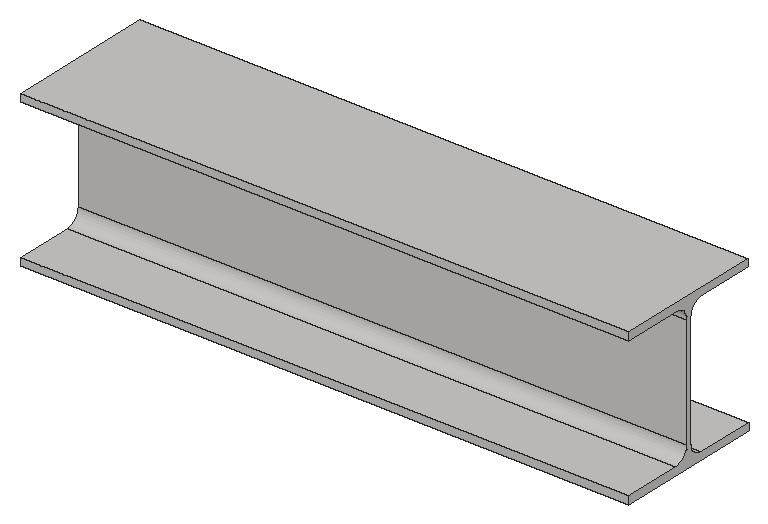
Revit family "NLRS_28_SFR_HEA", category Structural Framing, Revit 2020
Family settings
  Structural Framing Length Roundoff = 0 mm
  Section Shape = I-shape Wide Flange
  Material for Model Behavior = Steel
  Always export as geometry = No
  Code Name = EURONORM 53-62; DIN 1025-3
  Always vertical = Yes
  Cut with Voids When Loaded = No
  Symbolic Representation = From Family
  Shared = No
  Show family pre-cut in plan views = Yes
Parameters (values of type "HEA320")
  Width = 300 mm
  Web Thickness = 9 mm
  Web Fillet = 27 mm
  Warping Constant = (empty or 0)
  Type Comments = ""
  Torsional Moment of Inertia = 0 cm⁴
  Structural Material [instance] = h3_Structural Steel - S235
  Section Name Key = "HEA320"
  Section Area = 124.0 cm²
  Plastic Modulus weak axis = 709.7 cm³
  Plastic Modulus strong axis = 1628 cm³
  Perimeter = 5.7743 (stored number, unit not read)
  Nominal Weight = 957.13 N/m
  Moment of Inertia weak axis = 6990 cm⁴
  Moment of Inertia strong axis = 22930 cm⁴
  Height = 310 mm
  Flange Thickness = 15.5 mm
  Elastic Modulus weak axis = 466 cm³
  Elastic Modulus strong axis = 1480 cm³
  Centroid Vertical = Height / 2  # 155 mm
  Centroid Horizontal = Width / 2  # 150 mm
  Bolt Spacing = 133 mm
  Assembly Code = "2B(28.10)"
  Length [instance] = 1500 mm
Types (24, lengths in mm): name | Width | Web Thickness | Web Fillet | Section Name Key | Section Area | Plastic Modulus weak axis | Plastic Modulus strong axis | Perimeter | Nominal Weight | Moment of Inertia weak axis | Moment of Inertia strong axis | Height | Flange Thickness | Elastic Modulus weak axis | Elastic Modulus strong axis | Centroid Vertical | Centroid Horizontal | Bolt Spacing
  HEA320 | 300 | 9 | 27 | "HEA320" | 124.0 cm² | 709.7 cm³ | 1628 cm³ | 5.7743 (stored number, unit not read) | 957.13 N/m | 6990 cm⁴ | 22930 cm⁴ | 310 | 15.5 | 466 cm³ | 1480 cm³ | 155 | 150 | 133
  HEA1000 | 300 | 16.5 | 30 | "HEA1000" | 347.0 cm² | 1470 cm³ | 12820 cm³ | 10.171 (stored number, unit not read) | 2667.4 N/m | 14000 cm⁴ | 553800 cm⁴ | 990 | 31 | 934 cm³ | 11190 cm³ | 495 | 150 | 147
  HEA900 | 300 | 16 | 30 | "HEA900" | 320.0 cm² | 1414 cm³ | 10810 cm³ | 9.5144 (stored number, unit not read) | 2471.3 N/m | 13550 cm⁴ | 422100 cm⁴ | 890 | 30 | 903 cm³ | 9480 cm³ | 445 | 150 | 146
  HEA800 | 300 | 15 | 30 | "HEA800" | 286.0 cm² | 1312 cm³ | 8699 cm³ | 8.8583 (stored number, unit not read) | 2196.7 N/m | 12640 cm⁴ | 303400 cm⁴ | 790 | 28 | 843 cm³ | 7680 cm³ | 395 | 150 | 145
  HEA700 | 300 | 14.5 | 27 | "HEA700" | 260.0 cm² | 1257 cm³ | 7032 cm³ | 8.2021 (stored number, unit not read) | 2000.5 N/m | 12180 cm⁴ | 215300 cm⁴ | 690 | 27 | 812 cm³ | 6240 cm³ | 345 | 150 | 139
  HEA650 | 300 | 13.5 | 27 | "HEA650" | 242.0 cm² | 1205 cm³ | 6136 cm³ | 7.9068 (stored number, unit not read) | 1863.3 N/m | 11720 cm⁴ | 175200 cm⁴ | 640 | 26 | 782 cm³ | 5470 cm³ | 320 | 150 | 138
  HEA600 | 300 | 13 | 27 | "HEA600" | 226.0 cm² | 1156 cm³ | 5350 cm³ | 7.5787 (stored number, unit not read) | 1745.6 N/m | 11270 cm⁴ | 141200 cm⁴ | 590 | 25 | 751 cm³ | 4790 cm³ | 295 | 150 | 137
  HEA550 | 300 | 12.5 | 27 | "HEA550" | 212.0 cm² | 1107 cm³ | 4622 cm³ | 7.2507 (stored number, unit not read) | 1627.9 N/m | 10820 cm⁴ | 111900 cm⁴ | 540 | 24 | 721 cm³ | 4150 cm³ | 270 | 150 | 137
  HEA500 | 300 | 12 | 27 | "HEA500" | 198.0 cm² | 1059 cm³ | 3949 cm³ | 6.9226 (stored number, unit not read) | 1520 N/m | 10370 cm⁴ | 86970 cm⁴ | 490 | 23 | 691 cm³ | 3550 cm³ | 245 | 150 | 136
  HEA450 | 300 | 11.5 | 27 | "HEA450" | 178.0 cm² | 965.5 cm³ | 3216 cm³ | 6.5945 (stored number, unit not read) | 1372.9 N/m | 9470 cm⁴ | 63720 cm⁴ | 440 | 21 | 631 cm³ | 2900 cm³ | 220 | 150 | 136
  HEA400 | 300 | 11 | 27 | "HEA400" | 159.0 cm² | 872.9 cm³ | 2562 cm³ | 6.2664 (stored number, unit not read) | 1225.8 N/m | 8560 cm⁴ | 45070 cm⁴ | 390 | 19 | 571 cm³ | 2310 cm³ | 195 | 150 | 135
  HEA360 | 300 | 10 | 27 | "HEA360" | 143.0 cm² | 802.3 cm³ | 2088 cm³ | 6.0039 (stored number, unit not read) | 1098.3 N/m | 7890 cm⁴ | 33090 cm⁴ | 350 | 17.5 | 526 cm³ | 1890 cm³ | 175 | 150 | 134
  HEA340 | 300 | 9.5 | 27 | "HEA340" | 133.0 cm² | 755.9 cm³ | 1850 cm³ | 5.8727 (stored number, unit not read) | 1029.7 N/m | 7440 cm⁴ | 27690 cm⁴ | 330 | 16.5 | 496 cm³ | 1680 cm³ | 165 | 150 | 134
  HEA300 | 300 | 8.5 | 27 | "HEA300" | 112.0 cm² | 641.2 cm³ | 1383 cm³ | 5.643 (stored number, unit not read) | 865.92 N/m | 6310 cm⁴ | 18260 cm⁴ | 290 | 14 | 421 cm³ | 1260 cm³ | 145 | 150 | 133
  HEA280 | 280 | 8 | 24 | "HEA280" | 97.3 cm² | 518.1 cm³ | 1112 cm³ | 5.2493 (stored number, unit not read) | 749.23 N/m | 4760 cm⁴ | 13670 cm⁴ | 270 | 13 | 340 cm³ | 1010 cm³ | 135 | 140 | 126
  HEA260 | 260 | 7.5 | 24 | "HEA260" | 86.8 cm² | 430.2 cm³ | 919.8 cm³ | 4.8556 (stored number, unit not read) | 668.81 N/m | 3670 cm⁴ | 10450 cm⁴ | 250 | 12.5 | 282 cm³ | 836 cm³ | 125 | 130 | 126
  HEA240 | 240 | 7.5 | 21 | "HEA240" | 76.8 cm² | 351.7 cm³ | 744.6 cm³ | 4.4948 (stored number, unit not read) | 591.34 N/m | 2770 cm⁴ | 7760 cm⁴ | 230 | 12 | 231 cm³ | 675 cm³ | 115 | 120 | 120
  HEA220 | 220 | 7 | 18 | "HEA220" | 64.3 cm² | 270.6 cm³ | 568.5 cm³ | 4.1339 (stored number, unit not read) | 495.23 N/m | 1950 cm⁴ | 5410 cm⁴ | 210 | 11 | 178 cm³ | 515 cm³ | 105 | 110 | 113
  HEA200 | 200 | 6.5 | 18 | "HEA200" | 53.8 cm² | 203.8 cm³ | 429.5 cm³ | 3.7402 (stored number, unit not read) | 414.82 N/m | 1340 cm⁴ | 3690 cm⁴ | 190 | 10 | 134 cm³ | 389 cm³ | 95 | 100 | 113
  HEA180 | 180 | 6 | 15 | "HEA180" | 45.3 cm² | 156.5 cm³ | 324.9 cm³ | 3.3465 (stored number, unit not read) | 348.13 N/m | 925 cm⁴ | 2510 cm⁴ | 171 | 9.5 | 103 cm³ | 294 cm³ | 85.5 | 90 | 106
  HEA160 | 160 | 6 | 15 | "HEA160" | 38.8 cm² | 117.6 cm³ | 245.1 cm³ | 2.9724 (stored number, unit not read) | 298.12 N/m | 616 cm⁴ | 1670 cm⁴ | 152 | 9 | 76.9 cm³ | 220 cm³ | 76 | 80 | 99
  HEA140 | 140 | 5.5 | 12 | "HEA140" | 31.4 cm² | 84.85 cm³ | 173.5 cm³ | 2.605 (stored number, unit not read) | 242.22 N/m | 389 cm⁴ | 1030 cm⁴ | 133 | 8.5 | 55.6 cm³ | 155 cm³ | 66.5 | 70 | 81
  HEA120 | 120 | 5 | 12 | "HEA120" | 25.3 cm² | 58.85 cm³ | 119.5 cm³ | 2.2211 (stored number, unit not read) | 195.15 N/m | 231 cm⁴ | 606 cm⁴ | 114 | 8 | 38.5 cm³ | 106 cm³ | 57 | 60 | 75
  HEA100 | 100 | 5 | 12 | "HEA 100" | 21.2 cm² | 41.14 cm³ | 83.01 cm³ | 1.8406 (stored number, unit not read) | 163.77 N/m | 134 cm⁴ | 349 cm⁴ | 96 | 8 | 26.8 cm³ | 72.8 cm³ | 48 | 50 | 66
Reference planes
  plane 1 "Center (Front/Back)": y = 0
  plane 2: z = 0
  plane 3 "Center (Left/Right)": x = 4.61
  plane 4 "Member Left": x = -604.99
  plane 5 "Member Right": x = 614.21
  plane 6: y = 150
  plane 7: y = -150
  plane 8 "Top": z = 155
  plane 9: z = -155
  plane 10 "Right": x = 766.61
  plane 11 "Left": x = -733.39
  plane 12: z = 139.5
  plane 13: y = 4.5
  plane 14: y = -4.5
Forms (mm)
  Sweep 1, solid, material "h3_Structural Steel - S235" <- "Structural Material", detail levels fine
    path origin (0, 0, 0) x (1, 0, 0) y (0, 1, 0)
      loop
        line (614.21, 0) -> (-604.99, 0)
    profile "HP-Bearing Pile-Profile-Fine : HP-Bearing Pile-Profile-Fine" origin (4.61, 0, 0) x (0, -1, 0) y (0, 0, 1)
      loop
        line (-150, -155) -> (150, -155) -> (150, -139.5) -> (31.5, -139.5)
        arc (31.5, -139.5) -> (12.408, -131.592) -> (4.5, -112.5) r 27
        line (4.5, -112.5) -> (4.5, 112.5)
        arc (4.5, 112.5) -> (12.408, 131.592) -> (31.5, 139.5) r 27
        line (31.5, 139.5) -> (150, 139.5) -> (150, 155) -> (-150, 155) -> (-150, 139.5) -> (-31.5, 139.5)
        arc (-31.5, 139.5) -> (-12.408, 131.592) -> (-4.5, 112.5) r 27
        line (-4.5, 112.5) -> (-4.5, -112.5)
        arc (-4.5, -112.5) -> (-12.408, -131.592) -> (-31.5, -139.5) r 27
        line (-31.5, -139.5) -> (-150, -139.5) -> (-150, -155)
  Sweep 2, solid, material "h3_Structural Steel - S235" <- "Structural Material", detail levels medium
    path origin (0, 0, 0) x (1, 0, 0) y (0, 1, 0)
      loop
        line (614.21, 0) -> (-604.99, 0)
    profile "HP-Bearing Pile-Profile-Medium : HP-Bearing Pile-Profile-Medium" origin (4.61, 0, 0) x (0, -1, 0) y (0, 0, 1)
      loop
        line (-150, -155) -> (150, -155) -> (150, -139.5) -> (4.5, -139.5) -> (4.5, 139.5) -> (150, 139.5) -> (150, 155) -> (-150, 155) -> (-150, 139.5) -> (-4.5, 139.5) -> (-4.5, -139.5) -> (-150, -139.5) -> (-150, -155)
Lines and regions (mm)
  symbolic lines, style "Hidden Faces", detail levels medium+fine
    curve 1: line (614.21, -4.5, 0) -> (-604.99, -4.5, 0)
    curve 2: line (614.21, 4.5, 0) -> (-604.99, 4.5, 0)
  symbolic lines, style "Stick Symbols", detail levels coarse
    curve 3: line (4.61, 150, 155) -> (4.61, -150, 155)
    curve 4: line (4.61, -150, -155) -> (4.61, 150, -155)
    curve 5: line (4.61, 0, -155) -> (4.61, 0, 155)
  model lines, style "28_hartlijn_staal"
    curve 6: line (-604.99, 0, 155) -> (614.21, 0, 155)
Dimensions and locks
  "Width": plane 6 to plane 7
  "Height": plane 9 to plane 8 "Top"
  equal spacing: plane 9, plane 2, plane 8 "Top"
  equal spacing: plane 6, plane 1 "Center (Front/Back)", plane 7
  "Length": plane 11 "Left" to plane 10 "Right"
  "Flange Thickness": plane 8 "Top" to plane 12
  equal spacing: plane 13, plane 1 "Center (Front/Back)", plane 14
  "Web Thickness": plane 13 to plane 14
  aligned and locked: Sweep 1 sketch curve to plane 1 "Center (Front/Back)"
  aligned and locked: Sweep 2 sketch curve to plane 1 "Center (Front/Back)"
  aligned and locked: Sweep 2 to curve 3
  aligned and locked: Sweep 2 to curve 4
  aligned and locked: curve 2 to plane 13
  aligned and locked: curve 1 to plane 14
  aligned and locked: plane 6 to curve 3
  aligned and locked: plane 7 to curve 3
  aligned and locked: plane 1 "Center (Front/Back)" to curve 5
  aligned and locked: plane 6 to curve 4
  aligned and locked: plane 7 to curve 4
  aligned and locked: plane 9 to curve 5
  aligned and locked: plane 8 "Top" to curve 5
  aligned and locked: plane 4 "Member Left" to Sweep 1 sketch curve
  aligned and locked: plane 5 "Member Right" to Sweep 1 sketch curve
  aligned and locked: plane 4 "Member Left" to Sweep 2 sketch curve
  aligned and locked: plane 5 "Member Right" to Sweep 2 sketch curve
  aligned and locked: plane 4 "Member Left" to curve 1
  aligned and locked: plane 5 "Member Right" to curve 1
  aligned and locked: plane 4 "Member Left" to curve 2
  aligned and locked: plane 5 "Member Right" to curve 2
  aligned and locked: Sweep 1 to plane 8 "Top"
  aligned and locked: Sweep 1 to plane 7  (x2)
  aligned and locked: plane 6 to Sweep 1  (x2)
  aligned and locked: Sweep 1 to plane 12  (x2)
  aligned and locked: Sweep 1 to plane 13
  aligned and locked: plane 14 to Sweep 1
  aligned and locked: plane 9 to Sweep 1
  aligned and locked: Sweep 2 to plane 12  (x4)
  aligned and locked: plane 6 to Sweep 2
  aligned and locked: Sweep 2 to plane 7
  aligned and locked: plane 5 "Member Right" to curve 6
  aligned and locked: plane 4 "Member Left" to curve 6
  aligned and locked: plane 1 "Center (Front/Back)" to curve 6
